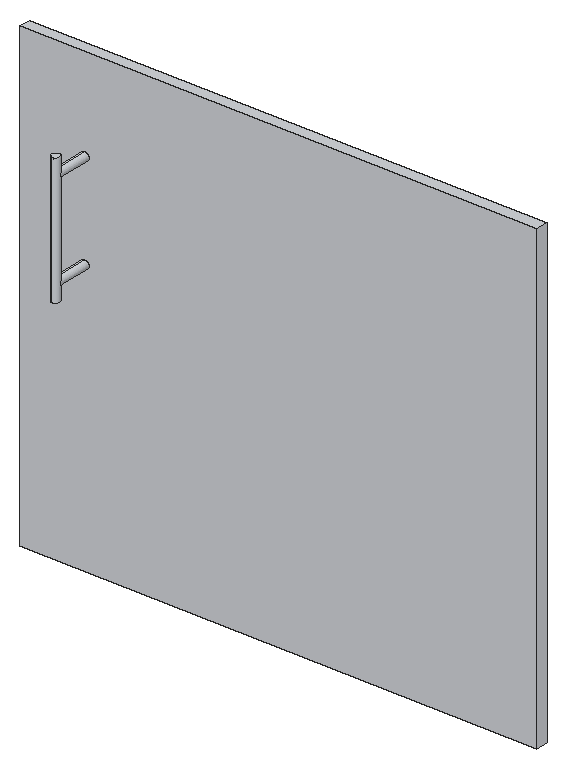
Revit family "Cab_Door", category Casework, Revit 2019
Family settings
  Work Plane-Based = No
  Always vertical = Yes
  Cut with Voids When Loaded = No
  Shared = No
  Room Calculation Point = No
Parameters
  oWctrl = 0' - 0"
  oW = 2' - 8"
  oHctrl = 0' - 0"
  oH = 2' - 4.92124"
  oDctrl = 0' - 0"
  oD = 0' - 0 3/4"
  hW = 0' - 4"
  hH = 1' - 8"
Reference planes (in)
  plane 1 "Center (Front/Back)": y = 0
  plane 2: z = 0
  plane 3 "Center (Left/Right)": x = 0
  plane 4: x = -16
  plane 5: x = 16
  plane 6: y = 0.75
  plane 7: z = 28.92124
  plane 8: x = -12
  plane 9: z = 20
  plane 10: z = 28.79624
Forms (in)
  Sweep 1, solid
    path origin (0, 0, 0) x (1, 0, 0) y (0, 0, 1)
      loop
        line (0, 0) -> (0, 28.79624)
    profile origin (0, 0, 14.39812) x (-1, 0, 0) y (0, -1, 0)
      loop
        line (16, -0.75) -> (16, 0) -> (-16, 0) -> (-16, -0.75) -> (16, -0.75)
Lines and regions (in)
  symbolic lines, style "CaseworkHiddenLines"
    curve 1: line (-16, 0, 28.92124) -> (16, 0, 14.46062)
    curve 2: line (16, 0, 14.46062) -> (-16, 0, 0)
Dimensions and locks (in)
  "oD": plane 6 to plane 1 "Center (Front/Back)"
  equal spacing: plane 4, plane 3 "Center (Left/Right)", plane 5
  "oW": plane 4 to plane 5
  "oH": plane 7 to plane 2
  equal spacing: plane 7, curve 2, level
  "hW": plane 4 to plane 8
  "hH": plane 9 to plane 2
  locked: plane 7 to plane 10 at 0.125
  aligned and locked: plane 2 to level
  aligned and locked: plane 2 to Sweep 1 sketch curve
  aligned and locked: plane 3 "Center (Left/Right)" to Sweep 1 sketch curve
  aligned and locked: Sweep 1 sketch curve to plane 6
  aligned and locked: Sweep 1 sketch curve to plane 4
  aligned and locked: Sweep 1 sketch curve to profile plane
  aligned and locked: plane 5 to Sweep 1 sketch curve
  aligned and locked: plane 4 to curve 2
  aligned and locked: level to curve 2
  aligned and locked: Sweep 1 to curve 1
  aligned and locked: Sweep 1 to Sweep 1
  aligned and locked: plane 4 to curve 1
  aligned and locked: plane 8 to nested 1
  aligned and locked: nested 1 to plane 9
  aligned and locked: level to nested 2
  aligned and locked: plane 10 to nested 2
  aligned and locked: plane 10 to Sweep 1 sketch curve
  aligned and locked: nested 3 to plane 7
  aligned and locked: plane 6 to nested 3
Automatic sketch dimensions
  curve 1 to plane 7 = 0' - 0"
Nested families (in)
  nested 1: "Cab_Handle" at (-12, 0, 20) x (1, 0, 0) z (0, -1, 0), type "Cab_Handle"
  nested 2: "Plywood" at (0, 0, 0) x (0, 0, 1) z (1, 0, 0), type "Plywood", detail levels fine
    with built-in parameter 1001306 2.3997 (stored number, unit not read)
  nested 3: "Blocking_Continuous_FixedDims" at (0, 0.75, 28.92124) x (0, 1, 0) z (1, 0, 0), type "Blocking_Continuous_FixedDims", detail levels fine
Definition of nested family "Cab_Handle"
  Parameters (values of type "Cab_Handle")
    oWctrl = 0' - 0"
    oW = 0' - 0"
    oHctrl = 0' - 0"
    oH = 0' - 8"
    oDctrl = 0' - 0"
    oD = 0' - 2 1/2"
    Default Elevation = 4' - 0"
  Reference planes (in)
    plane 1 "Center (Front/Back)": y = 0
    plane 2: z = 0
    plane 3 "Center (Left/Right)": x = 0
    plane 4: y = -4
    plane 5: y = 4
    plane 6: z = 2.5
    plane 7: z = 2.25
    plane 8: z = 0
    plane 9: z = 2.25
    plane 10: z = 0
  Forms (in)
    Sweep 1, solid
      path origin (0, 0, 0) x (0, 1, 0) y (0, 0, 1)
        loop
          line (-4, 2.25) -> (4, 2.25)
      profile origin (0, 0, 2.25) x (0, 0, 1) y (1, 0, 0)
        loop
          circle (0, 0) r 0.25
    Sweep 2, solid
      path origin (0, 0, 0) x (0, 1, 0) y (0, 0, 1)
        loop
          line (-3, 0) -> (-3, 2.25)
      profile origin (0, -3, 1.125) x (0, -1, 0) y (1, 0, 0)
        loop
          circle (0, 0) r 0.25
    Sweep 3, solid
      path origin (0, 6, 0) x (0, 1, 0) y (0, 0, 1)
        loop
          line (-3, 0) -> (-3, 2.25)
      profile origin (0, 3, 1.125) x (0, -1, 0) y (1, 0, 0)
        loop
          circle (0, 0) r 0.25
  Cuts and joins
    joined: Sweep 1, Sweep 2, Sweep 3
  Dimensions and locks (in)
    equal spacing: plane 4, plane 1 "Center (Front/Back)", plane 5
    "oH": plane 4 to plane 5
    "oD": plane 6 to level
    plane 6 to Sweep 1 sketch curve = 0' - 0 1/4"
    locked: plane 4 to Sweep 2 sketch curve at 1
    locked: plane 6 to plane 9 at 0.25
    locked: Sweep 3 sketch curve to plane 5 at 1
    aligned and locked: plane 2 to level
    aligned and locked: plane 4 to Sweep 1 sketch curve
    aligned and locked: plane 5 to Sweep 1 sketch curve
    aligned and locked: plane 7 to Sweep 2 sketch curve
    aligned and locked: plane 8 to Sweep 2 sketch curve
    aligned and locked: level to plane 8
    aligned and locked: plane 9 to Sweep 3 sketch curve
    aligned and locked: plane 10 to Sweep 3 sketch curve
    aligned and locked: level to plane 10
  Automatic sketch dimensions
    Sweep 1 sketch curve to plane 3 "Center (Left/Right)" = 0' - 0"
    Sweep 1 sketch curve to profile plane = 0' - 0"
    Sweep 2 sketch curve to plane 3 "Center (Left/Right)" = 0' - 0"
    Sweep 2 sketch curve to profile plane = 0' - 0"
    Sweep 3 sketch curve to plane 3 "Center (Left/Right)" = 0' - 0"
    Sweep 3 sketch curve to profile plane = 0' - 0"
    radius of Sweep 1 sketch curve = 0' - 0 1/4"
    radius of Sweep 2 sketch curve = 0' - 0 1/4"
    radius of Sweep 3 sketch curve = 0' - 0 1/4"
Definition of nested family "Plywood"
  Parameters (values of type "Plywood")
    oD = 0' - 0 3/4"
    built-in parameter 1001306 [instance] = 4' - 0"
  Reference planes (in)
    plane 1 "Center (Front/Back)": y = 0
    plane 2: z = 0
    plane 3 "Left": x = 0
    plane 4 "Right": x = 48
    plane 5: y = -0.75
  Lines and regions (in)
    Filled region 1, type "SKA Plywood Horizontal TR", in view "Ref. Level"
      outline origin (0, 0, 0) x (1, 0, 0) y (0, 1, 0)
        loop
          line (0, 0) -> (0, -0.75) -> (48, -0.75) -> (48, 0) -> (0, 0)
    reference lines, in view "Ref. Level"
      curve 1: line (0, 0, 0) -> (48, 0, 0)
  Dimensions and locks (in)
    "built-in parameter 1001306": plane 3 "Left" to plane 4 "Right"
    "oD": plane 5 to plane 1 "Center (Front/Back)"
    aligned and locked: plane 1 "Center (Front/Back)" to curve 1
    aligned and locked: plane 4 "Right" to curve 1
    aligned and locked: plane 3 "Left" to curve 1
    aligned and locked: Filled region 1 sketch curve to curve 1
    aligned and locked: plane 3 "Left" to Filled region 1 sketch curve
    aligned and locked: plane 5 to Filled region 1 sketch curve
    aligned and locked: plane 4 "Right" to Filled region 1 sketch curve
Definition of nested family "Blocking_Continuous_FixedDims"
  Parameters (values of type "Blocking_Continuous_FixedDims")
    oWctrl = 0' - 0"
    oW = 1' - 3.24203"
    oHctrl = 0' - 0"
    oH = 0' - 0"
    oDctrl = 0' - 0"
    oD = 0' - 5.16679"
  Reference planes (in)
    plane 1 "Center (Front/Back)": y = 0
    plane 2: z = 0
    plane 3 "Center (Left/Right)": x = 0
    plane 4: y = -5.16679
    plane 5: x = 15.24203
    plane 6: y = -2.5834
    plane 7: x = 7.62102
  Lines and regions (in)
    Filled region 1, type "Solid Fill - White", in view "Ref. Level"
      outline origin (0, 0, 0) x (1, 0, 0) y (0, 1, 0)
        loop
          line (0, 0) -> (0, -5.16679) -> (15.24203, -5.16679) -> (15.24203, 0) -> (0, 0)
    detail lines, in view "Ref. Level"
      curve 1: line (0, 0, 0) -> (15.24203, -5.16679, 0)
      curve 2: line (0, -5.16679, 0) -> (15.24203, 0, 0)
  Dimensions and locks (in)
    "oD": plane 4 to plane 1 "Center (Front/Back)"
    "oW": plane 3 "Center (Left/Right)" to plane 5
    equal spacing: plane 3 "Center (Left/Right)", plane 7, plane 5
    equal spacing: plane 4, plane 6, plane 1 "Center (Front/Back)"
    aligned and locked: plane 1 "Center (Front/Back)" to Filled region 1 sketch curve
    aligned and locked: plane 3 "Center (Left/Right)" to Filled region 1 sketch curve
    aligned and locked: plane 4 to Filled region 1 sketch curve
    aligned and locked: plane 5 to Filled region 1 sketch curve
    aligned and locked: plane 1 "Center (Front/Back)" to Filled region 1
    aligned and locked: plane 5 to curve 2
    aligned and locked: plane 4 to curve 1
    aligned and locked: plane 5 to curve 1
    aligned and locked: plane 1 "Center (Front/Back)" to curve 1
    aligned and locked: plane 3 "Center (Left/Right)" to curve 1
    aligned and locked: plane 3 "Center (Left/Right)" to curve 2
    aligned and locked: plane 4 to curve 2
  Automatic sketch dimensions
    plane 1 "Center (Front/Back)" to curve 2 = 0' - 0"
